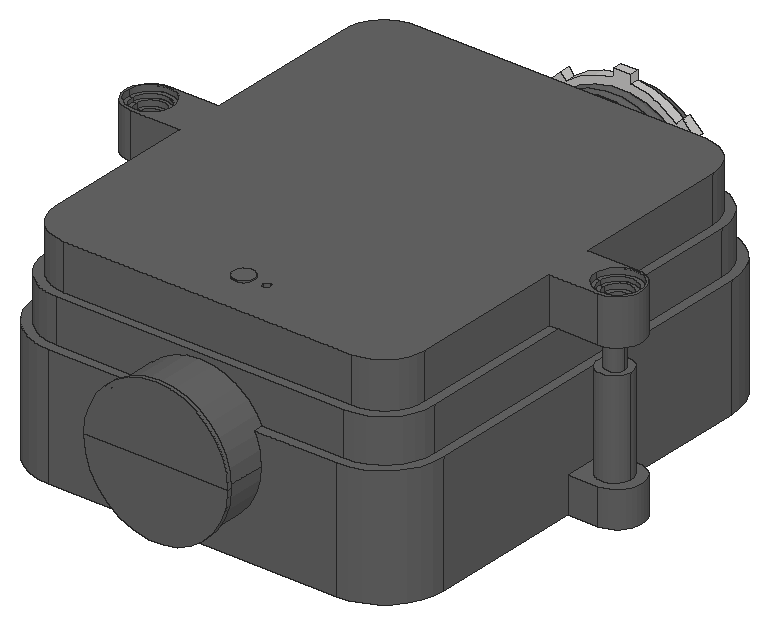
Revit family "MPSHD", category Communication Devices, host Face, Revit 2021
Family settings
  Host = Face
  Maintain Annotation Orientation = No
  Round Connector Dimension = Use Diameter
  Part Type = Normal
  OmniClass Number = 23.85.80.11.27
  OmniClass Title = Lighting Controls
  Cut with Voids When Loaded = No
  Shared = Yes
  Room Calculation Point = No
Parameters (values of type "MPSHD")
  Warranty = "5-Years Warranty"  # constant formula
  Type Comments = "Power Packs and Relays"  # constant formula
  Product Page URL = ""
  Product Documentation Link = ""
  URL = "https://www.currentlighting.com/nxlightingcontrols"
  Model = "MPSHD"  # constant formula
  Manufacturer = " NX Lighting Controls"  # constant formula
  L = 5.26"
  Washer = Metal-Galvanized_Steel
  Features = "Plenum rated • Self-contained relay • MPSA uses electrically held normally open relay • MPSHD uses robust latching relay provides unsurpassed and unrestricted performance • 100-277VAC, 50/60Hz • Regulated 24 VDC current; 100 mA output • Easily mounts inside or outside a junction box; inside a fixture • UL and cUL listed • Five-year limited warranty • Manual On available in MPSHD model • Power Indicator light in MPSHD model • Zero Arc Point Switching"  # constant formula
  Description = "The MPS Auxiliary Pack is a self-contained transformer and relay (an ON/OFF switch\r\ncontrolled by a circuit) designed for low-voltage 24VDC occupancy sensors. "  # constant formula
  Default Elevation = 48.0"
  Copyright = "Copyright © NX Lighting Controls"  # constant formula
  Contact Us = ""
  Housing Material = Paint - Carbon Black
  Certification = "UL and cUL Listed"  # constant formula
  Assembly Code = "D5090"
Reference planes (in)
  plane 1 "Center (Front/Back)": y = 13.01342
  plane 2: z = 0
  plane 3 "Center (Left/Right)": x = 0
  plane 4: x = -1.7
  plane 5: x = 1.7
  plane 6: y = 11.01342
  plane 7: y = 15.01342
Forms (in)
  Extrusion 1, solid, material "Paint - Carbon Black" <- "Housing Material"
    sketch origin (0, 0, 0) x (1, 0, 0) y (0, 1, 0)
      loop
        line (-1.2, 11.01342) -> (1.2, 11.01342)
        arc (1.2, 11.01342) -> (1.55355, 11.15987) -> (1.7, 11.51342) r 0.5
        line (1.7, 11.51342) -> (1.7, 14.51342)
        arc (1.7, 14.51342) -> (1.55355, 14.86697) -> (1.2, 15.01342) r 0.5
        line (1.2, 15.01342) -> (-1.2, 15.01342)
        arc (-1.2, 15.01342) -> (-1.55355, 14.86697) -> (-1.7, 14.51342) r 0.5
        line (-1.7, 14.51342) -> (-1.7, 11.51342)
        arc (-1.7, 11.51342) -> (-1.55355, 11.15987) -> (-1.2, 11.01342) r 0.5
    from 0 to 1
  Extrusion 2, solid, material "Paint - Carbon Black" <- "Housing Material"
    sketch origin (0, 0, 0) x (1, 0, 0) y (0, 1, 0)
      loop
        line (1.2, 14.93342) -> (-1.2, 14.93342)
        arc (-1.2, 14.93342) -> (-1.49698, 14.8104) -> (-1.62, 14.51342) r 0.42
        line (-1.62, 14.51342) -> (-1.62, 11.51342)
        arc (-1.62, 11.51342) -> (-1.49698, 11.21643) -> (-1.2, 11.09342) r 0.42
        line (-1.2, 11.09342) -> (1.2, 11.09342)
        arc (1.2, 11.09342) -> (1.49698, 11.21643) -> (1.62, 11.51342) r 0.42
        line (1.62, 11.51342) -> (1.62, 14.51342)
        arc (1.62, 14.51342) -> (1.49698, 14.8104) -> (1.2, 14.93342) r 0.42
    from 1 to 1.36
  Extrusion 3, solid, material "Paint - Carbon Black" <- "Housing Material"
    sketch origin (0, 0, 0) x (1, 0, 0) y (0, 1, 0)
      loop
        arc (-1.2, 14.85342) -> (-1.44042, 14.75384) -> (-1.54, 14.51342) r 0.34
        line (-1.54, 14.51342) -> (-1.54, 11.51342)
        arc (-1.54, 11.51342) -> (-1.44042, 11.273) -> (-1.2, 11.17342) r 0.34
        line (-1.2, 11.17342) -> (1.2, 11.17342)
        arc (1.2, 11.17342) -> (1.44042, 11.273) -> (1.54, 11.51342) r 0.34
        line (1.54, 11.51342) -> (1.54, 14.51342)
        arc (1.54, 14.51342) -> (1.44042, 14.75384) -> (1.2, 14.85342) r 0.34
        line (1.2, 14.85342) -> (-1.2, 14.85342)
    from 1.36 to 1.74
  Extrusion 4, solid, material "Paint - Carbon Black" <- "Housing Material"
    sketch origin (0, 0, 0) x (1, 0, 0) y (0, 1, 0)
      loop
        line (-1.7, 13.21215) -> (-1.95, 13.21215)
        arc (-1.95, 13.21215) -> (-2.15329, 13.00886) -> (-1.95, 12.80557) r 0.20329
        line (-1.95, 12.80557) -> (-1.7, 12.80557) -> (-1.7, 13.21215)
    from 0 to 0.3
  Extrusion 5, solid, material "Paint - Carbon Black" <- "Housing Material"
    sketch origin (0, 0, 0) x (1, 0, 0) y (0, 1, 0)
      loop
        circle (-1.92328, 13.01342) r 0.13663
    from 0.3 to 1.1
  Extrusion 6, solid, material "Paint - Carbon Black" <- "Housing Material"
    sketch origin (0, 0, 0) x (1, 0, 0) y (0, 1, 0)
      loop
        circle (-1.92508, 13.01342) r 0.08015
    from 1.1 to 1.36
  Extrusion 7, solid, material "Paint - Carbon Black" <- "Housing Material"
    sketch origin (0, 0, 1.5) x (0, -1, 0) y (1, 0, 0)
      loop
        line (-13.21215, -1.54375) -> (-13.21215, -1.95)
        arc (-13.21215, -1.95) -> (-13.00886, -2.15329) -> (-12.80557, -1.95) r 0.20329
        line (-12.80557, -1.95) -> (-12.80557, -1.54375) -> (-13.21215, -1.54375)
    from -0.14 to 0.24
  Revolve 8, void
    sketch origin (0, 13.01342, 0) x (1, 0, 0) y (0, 0, 1)
      loop
        line (-1.95, 1.74) -> (-1.95, 1.58381) -> (-1.87233, 1.58381) -> (-1.87233, 1.61974) -> (-1.83144, 1.61974) -> (-1.83144, 1.66063) -> (-1.79923, 1.66063) -> (-1.79923, 1.69284) -> (-1.76485, 1.69284) -> (-1.76485, 1.74) -> (-1.95, 1.74)
      axis (-1.95, 1.58381) -> (-1.95, 1.74)
    angle from 0 to 360
  Extrusion 9, solid, material "Paint - Carbon Black" <- "Housing Material"
    sketch origin (0, 0, 0) x (-1, 0, 0) y (0, -1, 0)
      loop
        line (-1.7, -13.21215) -> (-1.7, -12.80557) -> (-1.95, -12.80557)
        arc (-1.95, -12.80557) -> (-2.15329, -13.00886) -> (-1.95, -13.21215) r 0.20329
        line (-1.95, -13.21215) -> (-1.7, -13.21215)
    from 0 to 0.3
  Extrusion 10, solid, material "Paint - Carbon Black" <- "Housing Material"
    sketch origin (0, 0, 0) x (-1, 0, 0) y (0, -1, 0)
      loop
        circle (-1.92328, -13.01342) r 0.13663
    from 0.3 to 1.1
  Extrusion 11, solid, material "Paint - Carbon Black" <- "Housing Material"
    sketch origin (0, 0, 0) x (-1, 0, 0) y (0, -1, 0)
      loop
        circle (-1.92508, -13.01342) r 0.08015
    from 1.1 to 1.36
  Extrusion 12, solid, material "Paint - Carbon Black" <- "Housing Material"
    sketch origin (0, 0, 1.5) x (0, 1, 0) y (-1, 0, 0)
      loop
        line (13.21215, -1.54375) -> (12.80557, -1.54375) -> (12.80557, -1.95)
        arc (12.80557, -1.95) -> (13.00886, -2.15329) -> (13.21215, -1.95) r 0.20329
        line (13.21215, -1.95) -> (13.21215, -1.54375)
    from -0.14 to 0.24
  Revolve 13, void
    sketch origin (0, 13.01342, 0) x (-1, 0, 0) y (0, 0, 1)
      loop
        line (-1.95, 1.74) -> (-1.95, 1.58381) -> (-1.87233, 1.58381) -> (-1.87233, 1.61974) -> (-1.83144, 1.61974) -> (-1.83144, 1.66063) -> (-1.79923, 1.66063) -> (-1.79923, 1.69284) -> (-1.76485, 1.69284) -> (-1.76485, 1.74) -> (-1.95, 1.74)
      axis (-1.95, 1.58381) -> (-1.95, 1.74)
    angle from 0 to 360
  Extrusion 14, solid, material "Paint - Carbon Black" <- "Housing Material"
    sketch origin (0, 0, 0) x (1, 0, 0) y (0, 1, 0)
      loop
        circle (0, 11.54733) r 0.08596
    from 1.73 to 1.75
  Extrusion 15, void
    sketch origin (0, 0, 0) x (1, 0, 0) y (0, 1, 0)
      loop
        circle (0.19854, 11.54153) r 0.031
    from 1.5 to 1.75
  Revolve 16, solid, material "Paint - Carbon Black" <- "Housing Material"
    sketch origin (0, 0, 0.75) x (1, 0, 0) y (0, 1, 0)
      loop
        line (0, 14.93342) -> (0.75, 14.93342) -> (0.75, 15.04866) -> (0.6315, 15.04866)
        arc (0.6315, 15.04866) -> (0.66863, 15.0858) -> (0.6315, 15.12293) r 0.03714
        arc (0.6315, 15.12293) -> (0.66863, 15.16007) -> (0.6315, 15.1972) r 0.03714
        arc (0.6315, 15.1972) -> (0.66863, 15.23434) -> (0.6315, 15.27148) r 0.03714
        arc (0.6315, 15.27148) -> (0.66863, 15.30861) -> (0.6315, 15.34575) r 0.03714
        arc (0.6315, 15.34575) -> (0.66863, 15.38289) -> (0.6315, 15.42002) r 0.03714
        arc (0.6315, 15.42002) -> (0.66863, 15.45716) -> (0.6315, 15.4943) r 0.03714
        arc (0.6315, 15.4943) -> (0.66863, 15.53143) -> (0.6315, 15.56857) r 0.03714
        arc (0.6315, 15.56857) -> (0.66863, 15.6057) -> (0.6315, 15.64284) r 0.03714
        line (0.6315, 15.64284) -> (0.6315, 15.68785) -> (0, 15.68785) -> (0, 14.93342)
      axis (0, 15.68785) -> (0, 14.93342)
    angle from 0 to 360
  Revolve 17, solid, material "Paint - Carbon Black" <- "Housing Material"
    sketch origin (0, 0, 0.75) x (1, 0, 0) y (0, 1, 0)
      loop
        line (0, 11.18995) -> (0, 10.63047) -> (0.6012, 10.63047) -> (0.6012, 10.66147) -> (0.5702, 10.66147) -> (0.5702, 11.18995) -> (0, 11.18995)
      axis (0, 11.18995) -> (0, 10.63047)
    angle from 0 to 360
  Extrusion 18, solid, material "Metal-Galvanized_Steel" <- "Washer"
    sketch origin (0, 13.01342, 0) x (1, 0, 0) y (0, 0, 1)
      loop
        circle (0, 0.74794) r 0.65476
      loop
        line (0.72095, 0.67523) -> (0.79111, 0.67523)
        arc (0.79111, 0.67523) -> (0.79445, 0.74794) -> (0.79111, 0.82064) r 0.79445
        line (0.79111, 0.82064) -> (0.72095, 0.82064)
        arc (0.72095, 0.82064) -> (0.66945, 1.02523) -> (0.5612, 1.20631) r 0.72461
        line (0.5612, 1.20631) -> (0.61081, 1.25593)
        arc (0.61081, 1.25593) -> (0.56176, 1.3097) -> (0.50799, 1.35875) r 0.79445
        line (0.50799, 1.35875) -> (0.45838, 1.30914)
        arc (0.45838, 1.30914) -> (0.27729, 1.41738) -> (0.07271, 1.46888) r 0.72461
        line (0.07271, 1.46888) -> (0.07271, 1.53905)
        arc (0.07271, 1.53905) -> (0, 1.54238) -> (-0.07271, 1.53905) r 0.79445
        line (-0.07271, 1.53905) -> (-0.07271, 1.46888)
        arc (-0.07271, 1.46888) -> (-0.27729, 1.41738) -> (-0.45838, 1.30914) r 0.72461
        line (-0.45838, 1.30914) -> (-0.50799, 1.35875)
        arc (-0.50799, 1.35875) -> (-0.56176, 1.3097) -> (-0.61081, 1.25593) r 0.79445
        line (-0.61081, 1.25593) -> (-0.5612, 1.20631)
        arc (-0.5612, 1.20631) -> (-0.66945, 1.02523) -> (-0.72095, 0.82064) r 0.72461
        line (-0.72095, 0.82064) -> (-0.79111, 0.82064)
        arc (-0.79111, 0.82064) -> (-0.79445, 0.74794) -> (-0.79111, 0.67523) r 0.79445
        line (-0.79111, 0.67523) -> (-0.72095, 0.67523)
        arc (-0.72095, 0.67523) -> (-0.66945, 0.47064) -> (-0.5612, 0.28956) r 0.72461
        line (-0.5612, 0.28956) -> (-0.61081, 0.23995)
        arc (-0.61081, 0.23995) -> (-0.56176, 0.18618) -> (-0.50799, 0.13712) r 0.79445
        line (-0.50799, 0.13712) -> (-0.45838, 0.18674)
        arc (-0.45838, 0.18674) -> (-0.27729, 0.07849) -> (-0.07271, 0.02699) r 0.72461
        line (-0.07271, 0.02699) -> (-0.07271, -0.04318)
        arc (-0.07271, -0.04318) -> (0, -0.04651) -> (0.07271, -0.04318) r 0.79445
        line (0.07271, -0.04318) -> (0.07271, 0.02699)
        arc (0.07271, 0.02699) -> (0.27729, 0.07849) -> (0.45838, 0.18674) r 0.72461
        line (0.45838, 0.18674) -> (0.50799, 0.13712)
        arc (0.50799, 0.13712) -> (0.56176, 0.18618) -> (0.61081, 0.23995) r 0.79445
        line (0.61081, 0.23995) -> (0.5612, 0.28956)
        arc (0.5612, 0.28956) -> (0.66945, 0.47064) -> (0.72095, 0.67523) r 0.72461
    from -2.55515 to -2.48088
Cuts and joins
  Extrusion 15 cuts Extrusion 1
  Extrusion 15 cuts Extrusion 2
  Extrusion 15 cuts Extrusion 3
  Extrusion 15 cuts Extrusion 4
  Extrusion 15 cuts Extrusion 5
  Extrusion 15 cuts Extrusion 6
  Revolve 8, Revolve 13, Extrusion 15 cuts Extrusion 7
  Extrusion 15 cuts Extrusion 9
  Extrusion 15 cuts Extrusion 10
  Extrusion 15 cuts Extrusion 11
  Revolve 13, Extrusion 15 cuts Extrusion 12
  joined: Extrusion 1, Extrusion 2, Extrusion 3, Extrusion 4, Extrusion 5, Extrusion 6, Extrusion 7, Extrusion 9, Extrusion 10, Extrusion 11, Extrusion 12, Extrusion 14, Revolve 16, Revolve 17
Dimensions and locks (in)
  aligned and locked: plane 2 to host face
  aligned and locked: level to host face
Connectors (in)
  electrical at (1.1566, 13.01342, 1)
    settings: on cut or joined group of Extrusion 1, Extrusion 2, Extrusion 3, Extrusion 4, Extrusion 5, Extrusion 6, Extrusion 7, Revolve 8, Extrusion 9, Extrusion 10, Extrusion 11, Extrusion 12, Revolve 13, Extrusion 14, Extrusion 15, Revolve 16, Revolve 17, index 1, voltage 0 V, apparent load 0 VA, apparent load phase1 0 VA, apparent load phase2 0 VA, apparent load phase3 0 VA, power factor 1, load classification "Other", number of poles 1, system type 13, power factor state 1, is connector primary yes, connector utility no, sub classification motor no, connector description "POWER PACK"
